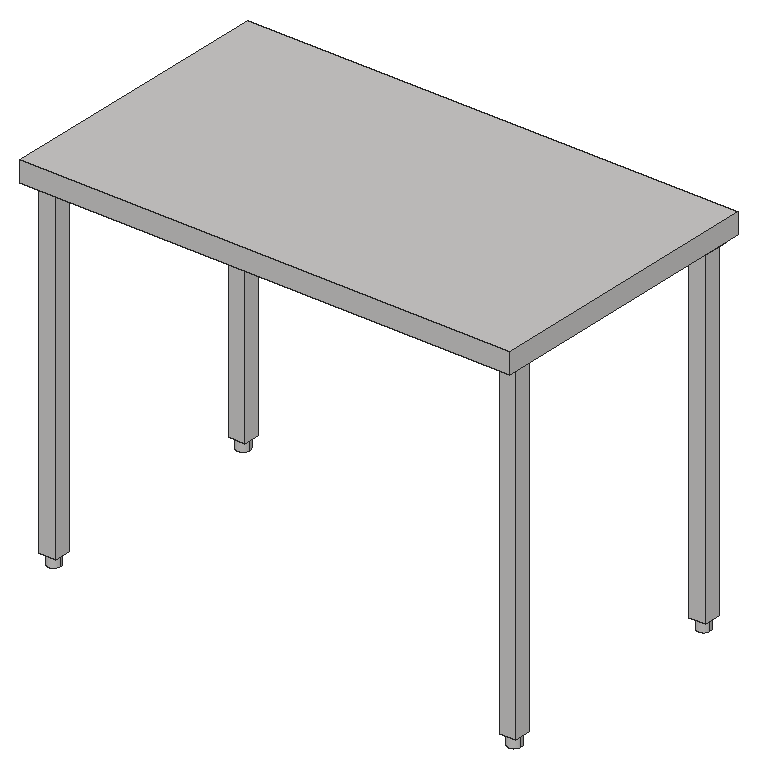
Revit family "QF_ZANUSSI_132724_TG1200PN", category Attrezzature speciali, Revit 2020
Family settings
  Quota connettore circolare = Usa diametro
  Tipo di parte = Normale
  Basato su piano di lavoro = No
  Sempre verticale = Sì
  Taglio con vuoti quando caricato = No
  Condiviso = No
  Punto di calcolo locali = No
Parameters (values of type "Standard")
  Weight = 40.00 kg
  Watts = 0 W
  Volts = 0 V
  URL Manufacturer = "http://www.zanussiprofessional.com"
  URL = "http://www.zanussiprofessional.com"
  Steam Supply Size = 0 mm
  Steam Supply Minimum Pressure = 0.0 Pa
  Steam Supply Maximum Pressure = 0.0 Pa
  Steam Consumption per Hour = 0
  Refrigeration Suction Line Size = 0.0 mm
  Refrigeration Liquid Line Size = 0.0 mm
  Refrigerant Compressor Remote = yes
  Prospetto di default = 0.0 mm
  Produttore = "Zanussi"
  Phase = 0
  Modello = "TG1200PN"
  Length Actual = 1200.0 mm  # constant formula
  Item Number = "132724"
  Hot Water Size = 0 mm
  Height Actual = 900.0 mm  # constant formula
  HP = "0 HP"
  Gas Size = 0 mm
  Gas KW = 0
  Gas Input Pressure = 0 W
  Direct Waste Size = 0 mm
  Descrizione = "WORK TABLE 1200 MM"
  Depth Actual = 700.0 mm  # constant formula
  Cycle = 0 Hz
  Condensate Return Size = 0 mm
  Compressed Air Volume = 0.0 L/s
  Compressed Air Size = 0 mm
  Compressed Air Pressure = 0.0 Pa
  Cold Water Size = 0 mm
  Accessory = yes
Reference planes
  plane 1 "Center (Front/Back)": y = 0
  plane 2: z = 0
  plane 3 "Center (Left/Right)": x = -100
  plane 4 "LEFT": x = -700
  plane 5 "RIGHT": x = 500
  plane 6 "BACK": y = 350
  plane 7 "FRONT": y = -350
  plane 8 "Base": z = 850
  plane 9 "TOP": z = 900
  plane 10: x = -664.5
  plane 11: x = 464.5
  plane 12: y = 290
  plane 13: y = -290
Forms (mm)
  Extrusion 1, solid, material "QF_Finishes_Stainless Steel"
    sketch origin (-100, 0, 0) x (0, 1, 0) y (0, 0, 1)
      loop
        line (-350, 850) -> (350, 850) -> (350, 900) -> (-350, 900) -> (-350, 850)
    from 600 to -600
Lines and regions (mm)
  symbolic lines
    curve 1: line (500, 350, 900) -> (-700, 350, 900)
    curve 2: line (-700, 350, 900) -> (-700, -350, 900)
    curve 3: line (-700, -350, 900) -> (500, -350, 900)
    curve 4: line (500, -350, 900) -> (500, 350, 900)
Dimensions and locks
  plane 4 "LEFT" to plane 5 "RIGHT" = 1200.0 mm
  equal spacing: plane 4 "LEFT", plane 3 "Center (Left/Right)", plane 5 "RIGHT"
  locked: plane 8 "Base" to level at 850
  plane 4 "LEFT" to plane 10 = 35.5 mm
  plane 11 to plane 5 "RIGHT" = 35.5 mm
  plane 10 to plane 11 = 1129.0 mm
  locked: plane 9 "TOP" to level at 900
  plane 6 "BACK" to plane 12 = 60.0 mm
  plane 13 to plane 7 "FRONT" = 60.0 mm
  plane 6 "BACK" to plane 7 "FRONT" = 700.0 mm
  plane 12 to plane 13 = 580.0 mm
  equal spacing: plane 6 "BACK", plane 1 "Center (Front/Back)", plane 7 "FRONT"
  aligned and locked: level to plane 2
  aligned and locked: plane 10 to nested 1
  aligned and locked: nested 1 to plane 13
  aligned and locked: plane 11 to nested 2
  aligned and locked: nested 2 to plane 13
  aligned and locked: plane 11 to nested 4
  aligned and locked: nested 4 to plane 12
  aligned and locked: plane 10 to nested 3
  aligned and locked: nested 3 to plane 12
  aligned and locked: Extrusion 1 to plane 4 "LEFT"
  aligned and locked: plane 5 "RIGHT" to Extrusion 1
  aligned and locked: curve 2 to plane 4 "LEFT"
Automatic sketch dimensions
  Extrusion 1 sketch curve to plane 7 "FRONT" = 0.0 mm
  Extrusion 1 sketch curve to plane 8 "Base" = 0.0 mm
  curve 3 to plane 7 "FRONT" = 0.0 mm
  curve 4 to plane 6 "BACK" = 0.0 mm
  Extrusion 1 sketch curve to plane 9 "TOP" = 0.0 mm
  Extrusion 1 sketch curve to plane 6 "BACK" = 0.0 mm
  curve 4 to plane 5 "RIGHT" = 0.0 mm
Nested families
  nested 1: "FEET_40x40" at (-664.5, -290, 0), type "FEET_40x40"
  nested 2: "FEET_40x40" at (464.5, -290, 0), type "FEET_40x40"
  nested 3: "FEET_40x40" at (-664.5, 290, 0), type "FEET_40x40"
  nested 4: "FEET_40x40" at (464.5, 290, 0), type "FEET_40x40"
Definition of nested family "FEET_40x40"
  Parameters
    Default Elevation = 0.0 mm
    FEET = 850.0 mm
  Reference planes
    plane 1 "Center (Front/Back)": y = 0
    plane 2: z = 0
    plane 3 "Center (Left/Right)": x = 0
    plane 4: z = 850
  Forms (mm)
    Extrusion 1, solid
      sketch origin (0, 0, 0) x (1, 0, 0) y (0, 1, 0)
        loop
          line (-20, -20) -> (20, -20) -> (20, 20) -> (-20, 20) -> (-20, -20)
      from 25 to 845
    Extrusion 2, solid
      sketch origin (0, 0, 0) x (1, 0, 0) y (0, 1, 0)
        loop
          circle (0, 0) r 16
      from 0 to 25
    Extrusion 3, solid
      sketch origin (0, 0, 0) x (1, 0, 0) y (0, 1, 0)
        loop
          line (30, 30) -> (-30, 30) -> (-30, -30) -> (30, -30) -> (30, 30)
      from 845 to 850
  Lines and regions (mm)
    symbolic lines
      curve 1: line (0, -1.503, 0) -> (0, 1.508, 0)
      curve 2: line (1.561, 0, 0) -> (-1.439, 0, 0)
  Dimensions and locks
    "FEET": plane 4 to plane 2
    aligned and locked: level to plane 2
  Automatic sketch dimensions
    Extrusion 1 sketch curve to plane 3 "Center (Left/Right)" = 20.0 mm
    plane 3 "Center (Left/Right)" to Extrusion 1 sketch curve = 20.0 mm
    plane 1 "Center (Front/Back)" to Extrusion 1 sketch curve = 20.0 mm
    Extrusion 1 sketch curve to plane 1 "Center (Front/Back)" = 20.0 mm
    plane 1 "Center (Front/Back)" to Extrusion 2 sketch curve = 0.0 mm
    Extrusion 2 sketch curve to plane 3 "Center (Left/Right)" = 0.0 mm
    plane 3 "Center (Left/Right)" to Extrusion 3 sketch curve = 30.0 mm
    Extrusion 3 sketch curve to plane 1 "Center (Front/Back)" = 30.0 mm
    Extrusion 3 sketch curve to plane 3 "Center (Left/Right)" = 30.0 mm
    plane 1 "Center (Front/Back)" to Extrusion 3 sketch curve = 30.0 mm
    plane 1 "Center (Front/Back)" to curve 2 = 0.0 mm
    curve 1 to plane 3 "Center (Left/Right)" = 0.0 mm
    curve 2 to plane 3 "Center (Left/Right)" = 1.439 mm
    plane 3 "Center (Left/Right)" to curve 2 = 1.561 mm
    plane 1 "Center (Front/Back)" to curve 1 = 1.503 mm
    curve 1 to plane 1 "Center (Front/Back)" = 1.508 mm
    radius of Extrusion 2 sketch curve = 16.0 mm
